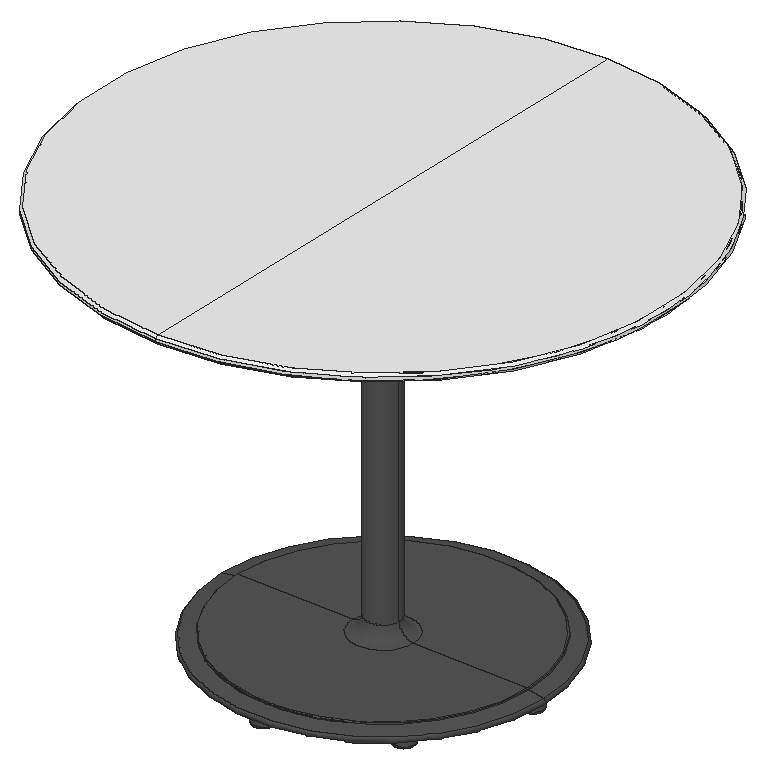
Revit family "PLANK_BON_TABLE", category Arredi, host Superficie, Revit 2019
Family settings
  Host = Superficie
  Taglio con vuoti quando caricato = No
  Condiviso = No
  Punto di calcolo locali = No
Parameters (values of type "⌀ 70cm, h 50cm - HPL 10mm WHITE, BLACK BASE")
  radius = DIAMETER / 2  # 350 mm
  URL = "https://www.plank.it/en"
  TECHNICAL SHEET = "https://www.plank.it/en/products/tables/bon-table-51-cm"
  STRUCTURE MATERIAL = PLANK_STEEL_POWDER_COATED_BLACK
  PRODUCT SHEET = "https://www.archiproducts.com/en/products/plank/round-coffee-table-with-cast-iron-base-and-hpl-top-bon_658022"
  PRODUCT CODE = "9382-51"
  Modello = "BON"  # constant formula
  Produttore = "PLANK"  # constant formula
  MATERIAL DESCRIPTION = "Cast iron base and metal column powder coated"  # constant formula
  HEIGHT = 500 mm
  Descrizione = "Round coffee table with cast iron base and HPL top"
  Default Elevation = 1219.2 mm
  DIAMETER = 700 mm
  COLLECTION = "Bon"  # constant formula
  BODY MATERIAL = PLANK_HPL_WHITE
  BIM USER MANUAL = "https://bimcad.edilportale.com/PLANK_BIM_USER_MANUAL_YBNWAy35r.pdf"
  BIM AUTHOR = "https://bim.archiproducts.com/"
  BADGE = "https://bim.archiproducts.com/en/badge/bim-archiproducts-certified_696676/about"
  AVAILABLE FINISHES = "Base in the colors black, white or grey aluminum. Table top in high pressure laminate (HPL) Full Colour or in MDF powder coated in black or white. Gliders in plastic."  # constant formula
Types (36, lengths in mm): name | radius | TECHNICAL SHEET | STRUCTURE MATERIAL | PRODUCT SHEET | PRODUCT CODE | HEIGHT | Descrizione | DIAMETER | BODY MATERIAL
  ⌀ 60cm, h 50cm - HPL 10mm BLACK, BLACK BASE | 300 | "https://www.plank.it/en/products/tables/bon-table-51-cm" | PLANK_STEEL_POWDER_COATED_BLACK | "https://www.archiproducts.com/en/products/plank/round-coffee-table-with-cast-iron-base-and-hpl-top-bon_658022" | "9380-51" | 500 | "Round coffee table with cast iron base and HPL top" | 600 | PLANK_HPL_BLACK
  ⌀ 60cm, h 50cm - HPL 10mm BLACK, WHITE BASE | 300 | "https://www.plank.it/en/products/tables/bon-table-51-cm" | PLANK_STEEL_POWDER_COATED_WHITE | "https://www.archiproducts.com/en/products/plank/round-coffee-table-with-cast-iron-base-and-hpl-top-bon_658022" | "9380-51" | 500 | "Round coffee table with cast iron base and HPL top" | 600 | PLANK_HPL_BLACK
  ⌀ 60cm, h 50cm - HPL 10mm BLACK, GREY BASE | 300 | "https://www.plank.it/en/products/tables/bon-table-51-cm" | PLANK_STEEL_POWDER_COATED_GREY | "https://www.archiproducts.com/en/products/plank/round-coffee-table-with-cast-iron-base-and-hpl-top-bon_658022" | "9380-51" | 500 | "Round coffee table with cast iron base and HPL top" | 600 | PLANK_HPL_BLACK
  ⌀ 60cm, h 50cm - HPL 10mm WHITE, BLACK BASE | 300 | "https://www.plank.it/en/products/tables/bon-table-51-cm" | PLANK_STEEL_POWDER_COATED_BLACK | "https://www.archiproducts.com/en/products/plank/round-coffee-table-with-cast-iron-base-and-hpl-top-bon_658022" | "9380-51" | 500 | "Round coffee table with cast iron base and HPL top" | 600 | PLANK_HPL_WHITE
  ⌀ 60cm, h 50cm - HPL 10mm WHITE, WHITE BASE | 300 | "https://www.plank.it/en/products/tables/bon-table-51-cm" | PLANK_STEEL_POWDER_COATED_WHITE | "https://www.archiproducts.com/en/products/plank/round-coffee-table-with-cast-iron-base-and-hpl-top-bon_658022" | "9380-51" | 500 | "Round coffee table with cast iron base and HPL top" | 600 | PLANK_HPL_WHITE
  ⌀ 60cm, h 50cm - HPL 10mm WHITE, GREY BASE | 300 | "https://www.plank.it/en/products/tables/bon-table-51-cm" | PLANK_STEEL_POWDER_COATED_GREY | "https://www.archiproducts.com/en/products/plank/round-coffee-table-with-cast-iron-base-and-hpl-top-bon_658022" | "9380-51" | 500 | "Round coffee table with cast iron base and HPL top" | 600 | PLANK_HPL_WHITE
  ⌀ 60cm, h 73cm - HPL 10mm BLACK, BLACK BASE | 300 | "https://www.plank.it/en/products/tables/bon-table-74cm" | PLANK_STEEL_POWDER_COATED_BLACK | "https://www.archiproducts.com/en/products/plank/round-high-side-table-with-cast-iron-base-and-hpl-top-bon_658012" | "9380-01" | 730 | "Round high side table with cast iron base and HPL top" | 600 | PLANK_HPL_BLACK
  ⌀ 60cm, h 73cm - HPL 10mm BLACK, WHITE BASE | 300 | "https://www.plank.it/en/products/tables/bon-table-74cm" | PLANK_STEEL_POWDER_COATED_WHITE | "https://www.archiproducts.com/en/products/plank/round-high-side-table-with-cast-iron-base-and-hpl-top-bon_658012" | "9380-01" | 730 | "Round high side table with cast iron base and HPL top" | 600 | PLANK_HPL_BLACK
  ⌀ 60cm, h 73cm - HPL 10mm BLACK, GREY BASE | 300 | "https://www.plank.it/en/products/tables/bon-table-74cm" | PLANK_STEEL_POWDER_COATED_GREY | "https://www.archiproducts.com/en/products/plank/round-high-side-table-with-cast-iron-base-and-hpl-top-bon_658012" | "9380-01" | 730 | "Round high side table with cast iron base and HPL top" | 600 | PLANK_HPL_BLACK
  ⌀ 60cm, h 73cm - HPL 10mm WHITE, BLACK BASE | 300 | "https://www.plank.it/en/products/tables/bon-table-74cm" | PLANK_STEEL_POWDER_COATED_BLACK | "https://www.archiproducts.com/en/products/plank/round-high-side-table-with-cast-iron-base-and-hpl-top-bon_658012" | "9380-01" | 730 | "Round high side table with cast iron base and HPL top" | 600 | PLANK_HPL_WHITE
  ⌀ 60cm, h 73cm - HPL 10mm WHITE, WHITE BASE | 300 | "https://www.plank.it/en/products/tables/bon-table-74cm" | PLANK_STEEL_POWDER_COATED_WHITE | "https://www.archiproducts.com/en/products/plank/round-high-side-table-with-cast-iron-base-and-hpl-top-bon_658012" | "9380-01" | 730 | "Round high side table with cast iron base and HPL top" | 600 | PLANK_HPL_WHITE
  ⌀ 60cm, h 73cm - HPL 10mm WHITE, GREY BASE | 300 | "https://www.plank.it/en/products/tables/bon-table-74cm" | PLANK_STEEL_POWDER_COATED_GREY | "https://www.archiproducts.com/en/products/plank/round-high-side-table-with-cast-iron-base-and-hpl-top-bon_658012" | "9380-01" | 730 | "Round high side table with cast iron base and HPL top" | 600 | PLANK_HPL_WHITE
  ⌀ 60cm, h 108cm - HPL 10mm BLACK, BLACK BASE | 300 | "https://www.plank.it/en/products/tables/bon-table-109cm" | PLANK_STEEL_POWDER_COATED_BLACK | "https://www.archiproducts.com/en/products/plank/round-table-with-cast-iron-base-and-hpl-top-bon_187641" | "9380-71" | 1080 | "Round table with cast iron base and HPL top" | 600 | PLANK_HPL_BLACK
  ⌀ 60cm, h 108cm - HPL 10mm BLACK, WHITE BASE | 300 | "https://www.plank.it/en/products/tables/bon-table-109cm" | PLANK_STEEL_POWDER_COATED_WHITE | "https://www.archiproducts.com/en/products/plank/round-table-with-cast-iron-base-and-hpl-top-bon_187641" | "9380-71" | 1080 | "Round table with cast iron base and HPL top" | 600 | PLANK_HPL_BLACK
  ⌀ 60cm, h 108cm - HPL 10mm BLACK, GREY BASE | 300 | "https://www.plank.it/en/products/tables/bon-table-109cm" | PLANK_STEEL_POWDER_COATED_GREY | "https://www.archiproducts.com/en/products/plank/round-table-with-cast-iron-base-and-hpl-top-bon_187641" | "9380-71" | 1080 | "Round table with cast iron base and HPL top" | 600 | PLANK_HPL_BLACK
  ⌀ 60cm, h 108cm - HPL 10mm WHITE, BLACK BASE | 300 | "https://www.plank.it/en/products/tables/bon-table-109cm" | PLANK_STEEL_POWDER_COATED_BLACK | "https://www.archiproducts.com/en/products/plank/round-table-with-cast-iron-base-and-hpl-top-bon_187641" | "9380-71" | 1080 | "Round table with cast iron base and HPL top" | 600 | PLANK_HPL_WHITE
  ⌀ 60cm, h 108cm - HPL 10mm WHITE, WHITE BASE | 300 | "https://www.plank.it/en/products/tables/bon-table-109cm" | PLANK_STEEL_POWDER_COATED_WHITE | "https://www.archiproducts.com/en/products/plank/round-table-with-cast-iron-base-and-hpl-top-bon_187641" | "9380-71" | 1080 | "Round table with cast iron base and HPL top" | 600 | PLANK_HPL_WHITE
  ⌀ 60cm, h 108cm - HPL 10mm WHITE, GREY BASE | 300 | "https://www.plank.it/en/products/tables/bon-table-109cm" | PLANK_STEEL_POWDER_COATED_GREY | "https://www.archiproducts.com/en/products/plank/round-table-with-cast-iron-base-and-hpl-top-bon_187641" | "9380-71" | 1080 | "Round table with cast iron base and HPL top" | 600 | PLANK_HPL_WHITE
  ⌀ 70cm, h 50cm - HPL 10mm BLACK, BLACK BASE | 350 | "https://www.plank.it/en/products/tables/bon-table-51-cm" | PLANK_STEEL_POWDER_COATED_BLACK | "https://www.archiproducts.com/en/products/plank/round-coffee-table-with-cast-iron-base-and-hpl-top-bon_658022" | "9382-51" | 500 | "Round coffee table with cast iron base and HPL top" | 700 | PLANK_HPL_BLACK
  ⌀ 70cm, h 50cm - HPL 10mm BLACK, WHITE BASE | 350 | "https://www.plank.it/en/products/tables/bon-table-51-cm" | PLANK_STEEL_POWDER_COATED_WHITE | "https://www.archiproducts.com/en/products/plank/round-coffee-table-with-cast-iron-base-and-hpl-top-bon_658022" | "9382-51" | 500 | "Round coffee table with cast iron base and HPL top" | 700 | PLANK_HPL_BLACK
  ⌀ 70cm, h 50cm - HPL 10mm BLACK, GREY BASE | 350 | "https://www.plank.it/en/products/tables/bon-table-51-cm" | PLANK_STEEL_POWDER_COATED_GREY | "https://www.archiproducts.com/en/products/plank/round-coffee-table-with-cast-iron-base-and-hpl-top-bon_658022" | "9382-51" | 500 | "Round coffee table with cast iron base and HPL top" | 700 | PLANK_HPL_BLACK
  ⌀ 70cm, h 50cm - HPL 10mm WHITE, BLACK BASE | 350 | "https://www.plank.it/en/products/tables/bon-table-51-cm" | PLANK_STEEL_POWDER_COATED_BLACK | "https://www.archiproducts.com/en/products/plank/round-coffee-table-with-cast-iron-base-and-hpl-top-bon_658022" | "9382-51" | 500 | "Round coffee table with cast iron base and HPL top" | 700 | PLANK_HPL_WHITE
  ⌀ 70cm, h 50cm - HPL 10mm WHITE, WHITE BASE | 350 | "https://www.plank.it/en/products/tables/bon-table-51-cm" | PLANK_STEEL_POWDER_COATED_WHITE | "https://www.archiproducts.com/en/products/plank/round-coffee-table-with-cast-iron-base-and-hpl-top-bon_658022" | "9382-51" | 500 | "Round coffee table with cast iron base and HPL top" | 700 | PLANK_HPL_WHITE
  ⌀ 70cm, h 50cm - HPL 10mm WHITE, GREY BASE | 350 | "https://www.plank.it/en/products/tables/bon-table-51-cm" | PLANK_STEEL_POWDER_COATED_GREY | "https://www.archiproducts.com/en/products/plank/round-coffee-table-with-cast-iron-base-and-hpl-top-bon_658022" | "9382-51" | 500 | "Round coffee table with cast iron base and HPL top" | 700 | PLANK_HPL_WHITE
  ⌀ 70cm, h 73cm - HPL 10mm BLACK, BLACK BASE | 350 | "https://www.plank.it/en/products/tables/bon-table-74cm" | PLANK_STEEL_POWDER_COATED_BLACK | "https://www.archiproducts.com/en/products/plank/round-high-side-table-with-cast-iron-base-and-hpl-top-bon_658012" | "9382-01" | 730 | "Round high side table with cast iron base and HPL top" | 700 | PLANK_HPL_BLACK
  ⌀ 70cm, h 73cm - HPL 10mm BLACK, WHITE BASE | 350 | "https://www.plank.it/en/products/tables/bon-table-74cm" | PLANK_STEEL_POWDER_COATED_WHITE | "https://www.archiproducts.com/en/products/plank/round-high-side-table-with-cast-iron-base-and-hpl-top-bon_658012" | "9382-01" | 730 | "Round high side table with cast iron base and HPL top" | 700 | PLANK_HPL_BLACK
  ⌀ 70cm, h 73cm - HPL 10mm BLACK, GREY BASE | 350 | "https://www.plank.it/en/products/tables/bon-table-74cm" | PLANK_STEEL_POWDER_COATED_GREY | "https://www.archiproducts.com/en/products/plank/round-high-side-table-with-cast-iron-base-and-hpl-top-bon_658012" | "9382-01" | 730 | "Round high side table with cast iron base and HPL top" | 700 | PLANK_HPL_BLACK
  ⌀ 70cm, h 73cm - HPL 10mm WHITE, BLACK BASE | 350 | "https://www.plank.it/en/products/tables/bon-table-74cm" | PLANK_STEEL_POWDER_COATED_BLACK | "https://www.archiproducts.com/en/products/plank/round-high-side-table-with-cast-iron-base-and-hpl-top-bon_658012" | "9382-01" | 730 | "Round high side table with cast iron base and HPL top" | 700 | PLANK_HPL_WHITE
  ⌀ 70cm, h 73cm - HPL 10mm WHITE, WHITE BASE | 350 | "https://www.plank.it/en/products/tables/bon-table-74cm" | PLANK_STEEL_POWDER_COATED_WHITE | "https://www.archiproducts.com/en/products/plank/round-high-side-table-with-cast-iron-base-and-hpl-top-bon_658012" | "9382-01" | 730 | "Round high side table with cast iron base and HPL top" | 700 | PLANK_HPL_WHITE
  ⌀ 70cm, h 73cm - HPL 10mm WHITE, GREY BASE | 350 | "https://www.plank.it/en/products/tables/bon-table-74cm" | PLANK_STEEL_POWDER_COATED_GREY | "https://www.archiproducts.com/en/products/plank/round-high-side-table-with-cast-iron-base-and-hpl-top-bon_658012" | "9382-01" | 730 | "Round high side table with cast iron base and HPL top" | 700 | PLANK_HPL_WHITE
  ⌀ 70cm, h 108cm - HPL 10mm BLACK, BLACK BASE | 350 | "https://www.plank.it/en/products/tables/bon-table-109cm" | PLANK_STEEL_POWDER_COATED_BLACK | "https://www.archiproducts.com/en/products/plank/round-table-with-cast-iron-base-and-hpl-top-bon_187641" | "9382-71" | 1080 | "Round table with cast iron base and HPL top" | 700 | PLANK_HPL_BLACK
  ⌀ 70cm, h 108cm - HPL 10mm BLACK, WHITE BASE | 350 | "https://www.plank.it/en/products/tables/bon-table-109cm" | PLANK_STEEL_POWDER_COATED_WHITE | "https://www.archiproducts.com/en/products/plank/round-table-with-cast-iron-base-and-hpl-top-bon_187641" | "9382-71" | 1080 | "Round table with cast iron base and HPL top" | 700 | PLANK_HPL_BLACK
  ⌀ 70cm, h 108cm - HPL 10mm BLACK, GREY BASE | 350 | "https://www.plank.it/en/products/tables/bon-table-109cm" | PLANK_STEEL_POWDER_COATED_GREY | "https://www.archiproducts.com/en/products/plank/round-table-with-cast-iron-base-and-hpl-top-bon_187641" | "9382-71" | 1080 | "Round table with cast iron base and HPL top" | 700 | PLANK_HPL_BLACK
  ⌀ 70cm, h 108cm - HPL 10mm WHITE, BLACK BASE | 350 | "https://www.plank.it/en/products/tables/bon-table-109cm" | PLANK_STEEL_POWDER_COATED_BLACK | "https://www.archiproducts.com/en/products/plank/round-table-with-cast-iron-base-and-hpl-top-bon_187641" | "9382-71" | 1080 | "Round table with cast iron base and HPL top" | 700 | PLANK_HPL_BLACK
  ⌀ 70cm, h 108cm - HPL 10mm WHITE, WHITE BASE | 350 | "https://www.plank.it/en/products/tables/bon-table-109cm" | PLANK_STEEL_POWDER_COATED_WHITE | "https://www.archiproducts.com/en/products/plank/round-table-with-cast-iron-base-and-hpl-top-bon_187641" | "9382-71" | 1080 | "Round table with cast iron base and HPL top" | 700 | PLANK_HPL_WHITE
  ⌀ 70cm, h 108cm - HPL 10mm WHITE, GREY BASE | 350 | "https://www.plank.it/en/products/tables/bon-table-109cm" | PLANK_STEEL_POWDER_COATED_GREY | "https://www.archiproducts.com/en/products/plank/round-table-with-cast-iron-base-and-hpl-top-bon_187641" | "9382-71" | 1080 | "Round table with cast iron base and HPL top" | 700 | PLANK_HPL_BLACK
Reference planes
  plane 1 "Centro (Fronte/Retro)": y = 0
  plane 2: z = 0
  plane 3 "Centro (Sinistra/Destra)": x = 0
  plane 4: z = 460.012
  plane 5: z = 500
Forms (mm)
  Revolve 1, solid, material "PLANK_STEEL_POWDER_COATED_BLACK" <- "STRUCTURE MATERIAL", detail levels fine
    sketch origin (0, 0, 0) x (1, 0, 0) y (0, 0, 1)
      loop
        line (-20, 460.012) -> (-20, 38.01)
        arc (-20, 38.01) -> (-25.058, 25.492) -> (-37.392, 20) r 18.021
        line (-37.392, 20) -> (-178.624, 20) -> (-179.84, 19.052) -> (-179.84, 18.011) -> (-198.262, 14.365)
        arc (-198.262, 14.365) -> (-199.964, 11.085) -> (-197.929, 8) r 3.649
        line (-197.929, 8) -> (0, 8) -> (0, 460.012) -> (-20, 460.012)
      axis (0, 460.012) -> (0, 8)
    angle from 0 to 360
  Revolve 2, solid, material "PLANK_STEEL_POWDER_COATED_BLACK" <- "STRUCTURE MATERIAL", detail levels fine
    sketch origin (0, -185, 0) x (1, 0, 0) y (0, 0, 1)
      loop
        line (0, 0) -> (0, 8) -> (-12.5, 8) -> (-12.5, 1.983)
        arc (-12.5, 1.983) -> (-11.919, 0.581) -> (-10.517, 0) r 1.983
        line (-10.517, 0) -> (0, 0)
      axis (0, 8) -> (0, 0)
    angle from 0 to 360
  Revolve 3, solid, material "PLANK_STEEL_POWDER_COATED_BLACK" <- "STRUCTURE MATERIAL", detail levels fine
    sketch origin (0, 185, 0) x (1, 0, 0) y (0, 0, -1)
      loop
        line (0, 0) -> (-10.517, 0)
        arc (-10.517, 0) -> (-11.919, -0.581) -> (-12.5, -1.983) r 1.983
        line (-12.5, -1.983) -> (-12.5, -8) -> (0, -8) -> (0, 0)
      axis (0, -8) -> (0, 0)
    angle from 0 to 360
  Revolve 4, solid, material "PLANK_STEEL_POWDER_COATED_BLACK" <- "STRUCTURE MATERIAL", detail levels fine
    sketch origin (-185, 0, 0) x (0, -1, 0) y (0, 0, 1)
      loop
        line (0, 0) -> (0, 8) -> (-12.5, 8) -> (-12.5, 1.983)
        arc (-12.5, 1.983) -> (-11.919, 0.581) -> (-10.517, 0) r 1.983
        line (-10.517, 0) -> (0, 0)
      axis (0, 8) -> (0, 0)
    angle from 0 to 360
  Revolve 5, solid, material "PLANK_STEEL_POWDER_COATED_BLACK" <- "STRUCTURE MATERIAL", detail levels fine
    sketch origin (185, 0, 0) x (0, -1, 0) y (0, 0, -1)
      loop
        line (0, 0) -> (-10.517, 0)
        arc (-10.517, 0) -> (-11.919, -0.581) -> (-12.5, -1.983) r 1.983
        line (-12.5, -1.983) -> (-12.5, -8) -> (0, -8) -> (0, 0)
      axis (0, -8) -> (0, 0)
    angle from 0 to 360
  Revolve 6, solid, material "PLANK_STEEL_POWDER_COATED_BLACK" <- "STRUCTURE MATERIAL", detail levels fine
    sketch origin (-130.815, 130.815, 0) x (-0.707107, -0.707107, 0) y (0, 0, 1)
      loop
        line (0, 0) -> (0, 8) -> (-12.5, 8) -> (-12.5, 1.983)
        arc (-12.5, 1.983) -> (-11.919, 0.581) -> (-10.517, 0) r 1.983
        line (-10.517, 0) -> (0, 0)
      axis (0, 8) -> (0, 0)
    angle from 0 to 360
  Revolve 7, solid, material "PLANK_STEEL_POWDER_COATED_BLACK" <- "STRUCTURE MATERIAL", detail levels fine
    sketch origin (130.815, -130.815, 0) x (-0.707107, -0.707107, 0) y (0, 0, -1)
      loop
        line (0, 0) -> (-10.517, 0)
        arc (-10.517, 0) -> (-11.919, -0.581) -> (-12.5, -1.983) r 1.983
        line (-12.5, -1.983) -> (-12.5, -8) -> (0, -8) -> (0, 0)
      axis (0, -8) -> (0, 0)
    angle from 0 to 360
  Revolve 8, solid, material "PLANK_STEEL_POWDER_COATED_BLACK" <- "STRUCTURE MATERIAL", detail levels fine
    sketch origin (130.815, 130.815, 0) x (0.707107, -0.707107, 0) y (0, 0, -1)
      loop
        line (0, 0) -> (-10.517, 0)
        arc (-10.517, 0) -> (-11.919, -0.581) -> (-12.5, -1.983) r 1.983
        line (-12.5, -1.983) -> (-12.5, -8) -> (0, -8) -> (0, 0)
      axis (0, -8) -> (0, 0)
    angle from 0 to 360
  Revolve 9, solid, material "PLANK_STEEL_POWDER_COATED_BLACK" <- "STRUCTURE MATERIAL", detail levels fine
    sketch origin (-130.815, -130.815, 0) x (0.707107, -0.707107, 0) y (0, 0, 1)
      loop
        line (0, 0) -> (0, 8) -> (-12.5, 8) -> (-12.5, 1.983)
        arc (-12.5, 1.983) -> (-11.919, 0.581) -> (-10.517, 0) r 1.983
        line (-10.517, 0) -> (0, 0)
      axis (0, 8) -> (0, 0)
    angle from 0 to 360
  Revolve 10, solid, material "PLANK_HPL_WHITE" <- "BODY MATERIAL", detail levels fine
    sketch origin (0, 0, 0.012) x (1, 0, 0) y (0, 0, 1)
      loop
        line (-49.999, 460) -> (0, 460) -> (0, 490) -> (-137.067, 490)
        arc (-137.067, 490) -> (-140.067, 487) -> (-137.067, 484) r 3
        line (-137.067, 484) -> (-91.883, 484) -> (-49.999, 460)
      axis (0, 490) -> (0, 460)
    angle from 0 to 360
  Revolve 11, solid, detail levels medium
    sketch origin (0, 0, 0) x (1, 0, 0) y (0, 0, 1)
      loop
        line (0, 500) -> (-350, 500) -> (-350, 460.012) -> (-20, 460.012) -> (-20, 38.018) -> (-200, 38.018) -> (-200, 0) -> (0, 0) -> (0, 500)
      axis (0, 500) -> (0, 0)
    angle from 0 to 360
Lines and regions (mm)
  symbolic lines, style "LightingFixtures"
    curve 1: line (0, 20, 460.012) -> (0, 20, 38.085)
    curve 2: line (0, 37.465, 19.997) -> (0, 198.262, 14.365)
    curve 4: line (0, 197.5, 8) -> (0, 0, 8)
    curve 5: arc (0, 20, 38.085) -> (0, 25.079, 25.513) -> (0, 37.465, 19.997) r 18.099
    curve 6: line (0, -20, 460.012) -> (0, -20, 38.085)
    curve 7: line (0, -37.465, 19.997) -> (0, -198.262, 14.365)
    curve 9: line (0, -197.5, 8) -> (0, 0, 8)
    curve 10: arc (0, -20, 38.085) -> (0, -25.079, 25.513) -> (0, -37.465, 19.997) r 18.099
    curve 11: line (-37.398, 0, 20) -> (-198.262, 0, 14.365)
    curve 13: line (-197.5, 0, 8) -> (0, 0, 8)
    curve 14: line (-20, 0, 460.012) -> (-20, 0, 38.018)
    curve 15: arc (-20, 0, 38.018) -> (-25.06, 0, 25.495) -> (-37.398, 0, 20) r 18.03
    curve 16: line (37.398, 0, 20) -> (198.262, 0, 14.365)
    curve 18: line (197.5, 0, 8) -> (0, 0, 8)
    curve 19: line (20, 0, 460.012) -> (20, 0, 38.018)
    curve 20: arc (20, 0, 38.018) -> (25.06, 0, 25.495) -> (37.398, 0, 20) r 18.03
    curve 21: line (-198.262, 0, 14.365) -> (0, 0, 14.365)
    curve 22: line (0, 0, 14.365) -> (198.262, 0, 14.365)
    curve 23: line (0, 198.262, 14.365) -> (0, -198.262, 14.365)
    curve 24: line (0, 197.5, 8) -> (0, 197.5, 2.03)
    curve 25: line (0, 172.5, 8) -> (0, 172.5, 1.992)
    curve 26: line (0, 195.471, 0) -> (0, 174.492, 0)
    curve 27: arc (0, 197.5, 2.03) -> (0, 196.906, 0.594) -> (0, 195.471, 0) r 2.03
    curve 28: arc (0, 174.492, 0) -> (0, 173.084, 0.583) -> (0, 172.5, 1.992) r 1.992
    curve 29: line (0, 143.281, 8) -> (0, 143.281, 2.03)
    curve 30: line (0, 118.281, 8) -> (0, 118.281, 1.992)
    curve 31: line (0, 141.252, 0) -> (0, 120.273, 0)
    curve 32: arc (0, 143.281, 2.03) -> (0, 142.687, 0.594) -> (0, 141.252, 0) r 2.03
    curve 33: arc (0, 120.273, 0) -> (0, 118.865, 0.583) -> (0, 118.281, 1.992) r 1.992
    curve 34: line (0, 12.519, 8) -> (0, 12.519, 2.03)
    curve 35: line (0, -12.481, 8) -> (0, -12.481, 1.992)
    curve 36: line (0, 10.489, 0) -> (0, -10.489, 0)
    curve 37: arc (0, 12.519, 2.03) -> (0, 11.924, 0.594) -> (0, 10.489, 0) r 2.03
    curve 38: arc (0, -10.489, 0) -> (0, -11.898, 0.583) -> (0, -12.481, 1.992) r 1.992
    curve 39: line (0, -197.5, 8) -> (0, -197.5, 2.03)
    curve 40: line (0, -172.5, 8) -> (0, -172.5, 1.992)
    curve 41: line (0, -195.471, 0) -> (0, -174.492, 0)
    curve 42: arc (0, -197.5, 2.03) -> (0, -196.906, 0.594) -> (0, -195.471, 0) r 2.03
    curve 43: arc (0, -174.492, 0) -> (0, -173.084, 0.583) -> (0, -172.5, 1.992) r 1.992
    curve 44: line (0, -143.32, 8) -> (0, -143.32, 2.03)
    curve 45: line (0, -118.32, 8) -> (0, -118.32, 1.992)
    curve 46: line (0, -141.291, 0) -> (0, -120.313, 0)
    curve 47: arc (0, -143.32, 2.03) -> (0, -142.726, 0.594) -> (0, -141.291, 0) r 2.03
    curve 48: arc (0, -120.313, 0) -> (0, -118.904, 0.583) -> (0, -118.32, 1.992) r 1.992
    curve 49: line (-197.5, 0, 8) -> (-197.5, 0, 2.009)
    curve 50: line (-172.5, 0, 8) -> (-172.5, 0, 2.006)
    curve 51: line (-195.491, 0, 0) -> (-174.506, 0, 0)
    curve 52: arc (-197.5, 0, 2.009) -> (-196.912, 0, 0.588) -> (-195.491, 0, 0) r 2.009
    curve 53: arc (-174.506, 0, 0) -> (-173.088, 0, 0.588) -> (-172.5, 0, 2.006) r 2.006
    curve 54: line (-143.29, 0, 8) -> (-143.29, 0, 2.009)
    curve 55: line (-118.29, 0, 8) -> (-118.29, 0, 2.006)
    curve 56: line (-141.282, 0, 0) -> (-120.296, 0, 0)
    curve 57: arc (-143.29, 0, 2.009) -> (-142.702, 0, 0.588) -> (-141.282, 0, 0) r 2.009
    curve 58: arc (-120.296, 0, 0) -> (-118.878, 0, 0.588) -> (-118.29, 0, 2.006) r 2.006
    curve 59: line (-12.501, 0, 8) -> (-12.501, 0, 2.009)
    curve 60: line (12.499, 0, 8) -> (12.499, 0, 2.006)
    curve 61: line (-10.493, 0, 0) -> (10.493, 0, 0)
    curve 62: arc (-12.501, 0, 2.009) -> (-11.913, 0, 0.588) -> (-10.493, 0, 0) r 2.009
    curve 63: arc (10.493, 0, 0) -> (11.911, 0, 0.588) -> (12.499, 0, 2.006) r 2.006
    curve 64: line (197.5, 0, 8) -> (197.5, 0, 2.009)
    curve 65: line (172.5, 0, 8) -> (172.5, 0, 2.006)
    curve 66: line (195.491, 0, 0) -> (174.506, 0, 0)
    curve 67: arc (197.5, 0, 2.009) -> (196.912, 0, 0.588) -> (195.491, 0, 0) r 2.009
    curve 68: arc (174.506, 0, 0) -> (173.088, 0, 0.588) -> (172.5, 0, 2.006) r 2.006
    curve 69: line (143.29, 0, 8) -> (143.29, 0, 2.009)
    curve 70: line (118.29, 0, 8) -> (118.29, 0, 2.006)
    curve 71: line (141.282, 0, 0) -> (120.296, 0, 0)
    curve 72: arc (143.29, 0, 2.009) -> (142.702, 0, 0.588) -> (141.282, 0, 0) r 2.009
    curve 73: arc (120.296, 0, 0) -> (118.878, 0, 0.588) -> (118.29, 0, 2.006) r 2.006
  symbolic lines
    curve 3: arc (0, 198.262, 14.365) -> (0, 199.94, 10.936) -> (0, 197.5, 8) r 3.514
    curve 8: arc (0, -198.262, 14.365) -> (0, -199.94, 10.936) -> (0, -197.5, 8) r 3.514
    curve 12: arc (-198.262, 0, 14.365) -> (-199.981, 0, 10.931) -> (-197.5, 0, 8) r 3.487
    curve 17: arc (198.262, 0, 14.365) -> (199.981, 0, 10.931) -> (197.5, 0, 8) r 3.487
Dimensions and locks
  Revolve 10 sketch curve to plane 4 = 30 mm
  Revolve 10 sketch curve to plane 4 = 24 mm
  locked: plane 5 to plane 4 at 39.988
  "HEIGHT": plane 5 to level
  locked: Revolve 11 sketch curve to Revolve 11 sketch curve at 39.988
  "radius": plane 3 "Centro (Sinistra/Destra)" to Revolve 11 sketch curve
  aligned and locked: plane 2 to host face
  aligned and locked: level to host face
  aligned and locked: Revolve 1 sketch curve to plane 4
  aligned and locked: Revolve 10 sketch curve to plane 3 "Centro (Sinistra/Destra)"
  aligned and locked: nested 1 to plane 5
  aligned and locked: plane 4 to curve 1
  aligned and locked: plane 4 to curve 6
  aligned and locked: plane 4 to Revolve 11 sketch curve
  aligned and locked: Revolve 11 sketch curve to plane 4
Automatic sketch dimensions
  host sketch curve to host sketch curve = 2438.4 mm  (x2)
  Revolve 1 sketch curve to plane 3 "Centro (Sinistra/Destra)" = 0 mm  (x2)
  Revolve 1 sketch curve to plane 3 "Centro (Sinistra/Destra)" = 20 mm
  Revolve 1 sketch curve to Revolve 1 sketch curve = 17.392 mm
  Revolve 1 sketch curve to Revolve 1 sketch curve = 0.629 mm
  level to Revolve 1 sketch curve = 20 mm
  Revolve 1 sketch curve to Revolve 1 sketch curve = 141.232 mm
  level to Revolve 1 sketch curve = 19.052 mm
  Revolve 1 sketch curve to Revolve 1 sketch curve = 1.216 mm
  Revolve 1 sketch curve to Revolve 1 sketch curve = 16.48 mm
  Revolve 1 sketch curve to Revolve 1 sketch curve = 1.609 mm
  level to Revolve 1 sketch curve = 14.365 mm
  Revolve 1 sketch curve to Revolve 1 sketch curve = 1.942 mm
  Revolve 1 sketch curve to Revolve 1 sketch curve = 3.09 mm
  Revolve 1 sketch curve to Revolve 1 sketch curve = 1.041 mm
  Revolve 1 sketch curve to level = 92 mm
  Revolve 1 sketch curve to Revolve 1 sketch curve = 100 mm
  Revolve 2 sketch curve to level = 0 mm
  Revolve 2 sketch curve to plane 3 "Centro (Sinistra/Destra)" = 0 mm  (x2)
  Revolve 2 sketch curve to Revolve 2 sketch curve = 10.517 mm
  Revolve 2 sketch curve to Revolve 2 sketch curve = 1.983 mm
  Revolve 2 sketch curve to Revolve 2 sketch curve = 8 mm
  Revolve 2 sketch curve to level = 5 mm
  Revolve 2 sketch curve to Revolve 2 sketch curve = 5.927 mm
  Revolve 3 sketch curve to level = 0 mm
  Revolve 3 sketch curve to plane 3 "Centro (Sinistra/Destra)" = 0 mm  (x2)
  Revolve 3 sketch curve to Revolve 3 sketch curve = 10.517 mm
  Revolve 3 sketch curve to Revolve 3 sketch curve = 1.983 mm
  Revolve 3 sketch curve to Revolve 3 sketch curve = 8 mm
  Revolve 3 sketch curve to level = 5 mm
  Revolve 3 sketch curve to Revolve 3 sketch curve = 5.927 mm
  Revolve 4 sketch curve to level = 0 mm
  Revolve 4 sketch curve to plane 1 "Centro (Fronte/Retro)" = 0 mm  (x2)
  Revolve 4 sketch curve to Revolve 4 sketch curve = 10.517 mm
  Revolve 4 sketch curve to Revolve 4 sketch curve = 1.983 mm
  Revolve 4 sketch curve to Revolve 4 sketch curve = 8 mm
  Revolve 4 sketch curve to level = 5 mm
  Revolve 4 sketch curve to Revolve 4 sketch curve = 5.927 mm
  Revolve 5 sketch curve to level = 0 mm
  Revolve 5 sketch curve to plane 1 "Centro (Fronte/Retro)" = 0 mm  (x2)
  Revolve 5 sketch curve to Revolve 5 sketch curve = 10.517 mm
  Revolve 5 sketch curve to Revolve 5 sketch curve = 1.983 mm
  Revolve 5 sketch curve to Revolve 5 sketch curve = 8 mm
  Revolve 5 sketch curve to level = 5 mm
  Revolve 5 sketch curve to Revolve 5 sketch curve = 5.927 mm
  level to Revolve 6 sketch curve = 0 mm
  level to Revolve 6 sketch curve = 1.983 mm
  Revolve 6 sketch curve to Revolve 6 sketch curve = 10.517 mm
  Revolve 6 sketch curve to Revolve 6 sketch curve = 8 mm
  Revolve 6 sketch curve to Revolve 6 sketch curve = 0 mm
  Revolve 6 sketch curve to level = 5 mm
  Revolve 6 sketch curve to Revolve 6 sketch curve = 5.927 mm
  Revolve 7 sketch curve to level = 0 mm
  level to Revolve 7 sketch curve = 1.983 mm
  Revolve 7 sketch curve to Revolve 7 sketch curve = 10.517 mm
  Revolve 7 sketch curve to Revolve 7 sketch curve = 8 mm
  Revolve 7 sketch curve to Revolve 7 sketch curve = 0 mm
  Revolve 7 sketch curve to level = 5 mm
  Revolve 7 sketch curve to Revolve 7 sketch curve = 5.927 mm
  level to Revolve 8 sketch curve = 0 mm
  level to Revolve 8 sketch curve = 1.983 mm
  Revolve 8 sketch curve to Revolve 8 sketch curve = 10.517 mm
  Revolve 8 sketch curve to Revolve 8 sketch curve = 8 mm
  Revolve 8 sketch curve to Revolve 8 sketch curve = 0 mm
  Revolve 8 sketch curve to level = 5 mm
  Revolve 8 sketch curve to Revolve 8 sketch curve = 5.927 mm
  Revolve 9 sketch curve to level = 0 mm
  level to Revolve 9 sketch curve = 1.983 mm
  Revolve 9 sketch curve to Revolve 9 sketch curve = 10.517 mm
  Revolve 9 sketch curve to Revolve 9 sketch curve = 8 mm
  Revolve 9 sketch curve to Revolve 9 sketch curve = 0 mm
  Revolve 9 sketch curve to level = 5 mm
  Revolve 9 sketch curve to Revolve 9 sketch curve = 5.927 mm
  Revolve 10 sketch curve to plane 4 = 0 mm
  Revolve 10 sketch curve to plane 3 "Centro (Sinistra/Destra)" = 0 mm
  Revolve 10 sketch curve to Revolve 10 sketch curve = 49.999 mm
  Revolve 10 sketch curve to Revolve 10 sketch curve = 41.883 mm
  Revolve 10 sketch curve to Revolve 10 sketch curve = 45.185 mm
  plane 5 to Revolve 10 sketch curve = 90.012 mm
  Revolve 10 sketch curve to Revolve 10 sketch curve = 120 mm
  curve 41 to level = 0 mm
  curve 46 to level = 0 mm
  curve 36 to level = 0 mm
  curve 9 to plane 1 "Centro (Fronte/Retro)" = 0 mm
  curve 33 to level = 0 mm
  curve 28 to level = 0 mm
  level to curve 38 = 1.992 mm
  plane 1 "Centro (Fronte/Retro)" to curve 38 = 10.489 mm
  plane 1 "Centro (Fronte/Retro)" to curve 6 = 20 mm
  level to curve 7 = 19.997 mm
  curve 7 to curve 6 = 17.465 mm
  curve 10 to curve 6 = 18.099 mm
  level to curve 45 = 1.992 mm
  curve 45 to curve 7 = 80.855 mm
  curve 46 to curve 46 = 20.978 mm
  curve 44 to curve 47 = 2.03 mm
  level to curve 40 = 1.992 mm
  curve 40 to curve 44 = 29.18 mm
  level to curve 42 = 2.03 mm
  curve 42 to curve 43 = 20.978 mm
  curve 8 to curve 8 = 1.049 mm
  level to curve 7 = 14.365 mm
  curve 7 to curve 8 = 1.811 mm
  curve 36 to plane 1 "Centro (Fronte/Retro)" = 10.489 mm
  curve 37 to curve 34 = 2.03 mm
  curve 1 to plane 1 "Centro (Fronte/Retro)" = 20 mm
  level to curve 2 = 19.997 mm
  curve 1 to curve 2 = 17.465 mm
  curve 1 to curve 5 = 18.099 mm
  level to curve 30 = 1.992 mm
  curve 2 to curve 30 = 80.816 mm
  curve 31 to curve 31 = 20.978 mm
  curve 32 to curve 29 = 2.03 mm
  level to curve 25 = 1.992 mm
  curve 29 to curve 25 = 29.219 mm
  curve 26 to curve 26 = 20.978 mm
  curve 27 to curve 3 = 0.981 mm
  curve 3 to curve 4 = 1.049 mm
  curve 3 to curve 2 = 1.811 mm
  level to curve 4 = 8 mm
  curve 51 to level = 0 mm
  curve 57 to level = 0 mm
  curve 14 to plane 4 = 0 mm
  curve 61 to level = 0 mm
  curve 22 to plane 3 "Centro (Sinistra/Destra)" = 0 mm
  curve 18 to plane 3 "Centro (Sinistra/Destra)" = 0 mm
  curve 19 to plane 4 = 0 mm
  curve 73 to level = 0 mm
  curve 68 to level = 0 mm
  level to curve 62 = 2.009 mm
  curve 62 to plane 3 "Centro (Sinistra/Destra)" = 10.493 mm
  curve 14 to plane 3 "Centro (Sinistra/Destra)" = 20 mm
  level to curve 11 = 20 mm
  curve 11 to curve 14 = 17.398 mm
  curve 15 to curve 11 = 0.631 mm
  level to curve 55 = 2.006 mm
  curve 55 to curve 11 = 80.892 mm
  curve 56 to curve 56 = 20.985 mm
  curve 54 to curve 57 = 2.009 mm
  level to curve 50 = 2.006 mm
  curve 50 to curve 54 = 29.21 mm
  level to curve 52 = 2.009 mm
  curve 52 to curve 53 = 20.985 mm
  curve 13 to curve 12 = 0.982 mm
  curve 21 to curve 12 = 1.744 mm
  plane 3 "Centro (Sinistra/Destra)" to curve 61 = 10.493 mm
  curve 63 to curve 60 = 2.006 mm
  plane 3 "Centro (Sinistra/Destra)" to curve 19 = 20 mm
  level to curve 16 = 20 mm
  curve 20 to curve 16 = 17.398 mm
  curve 19 to curve 20 = 18.03 mm
  level to curve 70 = 2.006 mm
  curve 16 to curve 70 = 80.892 mm
  level to curve 72 = 2.009 mm
  curve 73 to curve 72 = 20.985 mm
  level to curve 65 = 2.006 mm
  curve 69 to curve 65 = 29.21 mm
  curve 66 to curve 66 = 20.985 mm
  curve 67 to curve 17 = 1.027 mm
  curve 67 to curve 64 = 2.009 mm
  level to curve 16 = 14.365 mm
  curve 17 to curve 16 = 1.744 mm
  curve 13 to curve 21 = 6.365 mm
  Revolve 11 sketch curve to level = 0 mm
  Revolve 11 sketch curve to plane 3 "Centro (Sinistra/Destra)" = 0 mm  (x2)
  Revolve 11 sketch curve to plane 3 "Centro (Sinistra/Destra)" = 200 mm
  Revolve 11 sketch curve to plane 3 "Centro (Sinistra/Destra)" = 20 mm
  level to Revolve 11 sketch curve = 38.018 mm
  Revolve 11 sketch curve to Revolve 11 sketch curve = 300 mm
  Revolve 11 sketch curve to Revolve 11 sketch curve = 160 mm
Nested families
  nested 1: "BON_TOP" at (0, 0, 490), type "BON_TOP"
    with radius 350 mm, diameter 700 mm
Definition of nested family "BON_TOP"
  Parameters (values of type "BON_TOP")
    structure = none
    radius = 300 mm
    diameter = radius * 2  # 600 mm
  Reference planes
    plane 1 "Centro (Fronte/Retro)": y = 0
    plane 2: z = 0
    plane 3 "Centro (Sinistra/Destra)": x = 0
  Forms (mm)
    Revolve 1, solid, material <- "structure", detail levels fine
      sketch origin (0, -0.217, -1190) x (0, 1, 0) y (0, 0, 1)
        loop
          line (297.217, 1200) -> (0, 1200) -> (0, 1190) -> (297.217, 1190) -> (300.217, 1193) -> (300.217, 1197) -> (297.217, 1200)
        axis (0, 1200) -> (0, 1190)
      angle from 0 to 360
  Lines and regions (mm)
    symbolic lines
      curve 1: circle (0, 0, 0) r 300 normal (0, 0, 1)
      curve 2: line (0, 0, 10) -> (-295.242, 0, 10)
      curve 3: line (0, 0, 0.483) -> (-295.242, 0, 0.483)
      curve 4: arc (-295.242, 0, 10) -> (-300, 0, 5.242) -> (-295.242, 0, 0.483) r 4.758
      curve 5: line (0, 0, 10) -> (295.242, 0, 10)
      curve 6: line (0, 0, 0.483) -> (295.242, 0, 0.483)
      curve 7: arc (295.242, 0, 10) -> (300, 0, 5.242) -> (295.242, 0, 0.483) r 4.758
      curve 8: line (0, 0, 0) -> (0, 295, 0)
      curve 9: line (0, 0, 10) -> (0, 295, 10)
      curve 10: arc (0, 295, 10) -> (0, 300, 5) -> (0, 295, 0) r 5
      curve 11: line (0, 0, 0) -> (0, -295, 0)
      curve 12: line (0, 0, 10) -> (0, -295, 10)
      curve 13: arc (0, -295, 10) -> (0, -300, 5) -> (0, -295, 0) r 5
      curve 14: line (0, 0, -30.017) -> (-50, 0, -30.017)
      curve 15: line (-90, 0, -6.52) -> (-50, 0, -30.017)
      curve 16: arc (-136.498, 0, -6.52) -> (-140, 0, -3.019) -> (-136.498, 0, 0.483) r 3.502
      curve 17: line (-136.498, 0, -6.52) -> (0, 0, -6.52)
      curve 18: line (0, 0, -30.017) -> (50, 0, -30.017)
      curve 19: line (90, 0, -6.52) -> (50, 0, -30.017)
      curve 20: arc (136.498, 0, -6.52) -> (140, 0, -3.019) -> (136.498, 0, 0.483) r 3.502
      curve 21: line (136.498, 0, -6.52) -> (0, 0, -6.52)
      curve 22: line (0, 0, -30) -> (0, 50, -30)
      curve 23: line (0, 136.5, -7) -> (0, 0, -7)
      curve 24: line (0, 50, -30) -> (0, 90, -7)
      curve 25: arc (0, 136.5, -7) -> (0, 140, -3.5) -> (0, 136.5, 0) r 3.5
      curve 26: line (0, 0, -30) -> (0, -50, -30)
      curve 27: line (0, -136.5, -7) -> (0, 0, -7)
      curve 28: line (0, -50, -30) -> (0, -90, -7)
      curve 29: arc (0, -136.5, -7) -> (0, -140, -3.5) -> (0, -136.5, 0) r 3.5
  Dimensions and locks
    "radius": plane 1 "Centro (Fronte/Retro)" to Revolve 1 sketch curve
    "radius": plane 3 "Centro (Sinistra/Destra)" to curve 4
    "radius": curve 7 to plane 3 "Centro (Sinistra/Destra)"
    locked: curve 2 to curve 3 at 9.517
    "radius": curve 10 to plane 1 "Centro (Fronte/Retro)"
    "radius": plane 1 "Centro (Fronte/Retro)" to curve 13
    locked: curve 9 to curve 8 at 10
    "diameter": diameter of curve 1
    aligned and locked: level to plane 2
  Automatic sketch dimensions
    curve 27 to plane 1 "Centro (Fronte/Retro)" = 0 mm
    curve 22 to plane 1 "Centro (Fronte/Retro)" = 0 mm
    curve 9 to plane 1 "Centro (Fronte/Retro)" = 0 mm
    curve 8 to plane 1 "Centro (Fronte/Retro)" = 0 mm
    curve 29 to level = 3.5 mm
    plane 1 "Centro (Fronte/Retro)" to curve 29 = 136.5 mm
    plane 1 "Centro (Fronte/Retro)" to curve 26 = 50 mm
    curve 24 to plane 1 "Centro (Fronte/Retro)" = 50 mm
    curve 22 to curve 25 = 86.5 mm
    curve 23 to level = 7 mm
    curve 28 to level = 30 mm
    curve 28 to curve 26 = 40 mm
    curve 22 to curve 24 = 40 mm
    curve 21 to plane 3 "Centro (Sinistra/Destra)" = 0 mm
    curve 17 to level = 6.52 mm
    curve 17 to plane 3 "Centro (Sinistra/Destra)" = 136.498 mm
    curve 15 to plane 3 "Centro (Sinistra/Destra)" = 50 mm
    plane 3 "Centro (Sinistra/Destra)" to curve 14 = 0 mm
    plane 3 "Centro (Sinistra/Destra)" to curve 3 = 0 mm
    plane 3 "Centro (Sinistra/Destra)" to curve 5 = 0 mm
    curve 14 to curve 18 = 50 mm
    curve 18 to curve 21 = 86.498 mm
    curve 14 to level = 30.017 mm
    curve 16 to level = 3.019 mm
    curve 15 to curve 14 = 40 mm
    curve 18 to curve 19 = 40 mm
    plane 1 "Centro (Fronte/Retro)" to curve 1 = 0 mm
    curve 1 to plane 3 "Centro (Sinistra/Destra)" = 0 mm
    level to Revolve 1 sketch curve = 10 mm
    Revolve 1 sketch curve to Revolve 1 sketch curve = 3 mm  (x2)
    level to Revolve 1 sketch curve = 0 mm
    plane 1 "Centro (Fronte/Retro)" to Revolve 1 sketch curve = 0.217 mm  (x2)
    level to Revolve 1 sketch curve = 3 mm
    Revolve 1 sketch curve to Revolve 1 sketch curve = 4 mm
    Revolve 1 sketch curve to Revolve 1 sketch curve = 40 mm
    Revolve 1 sketch curve to Revolve 1 sketch curve = 45 mm
